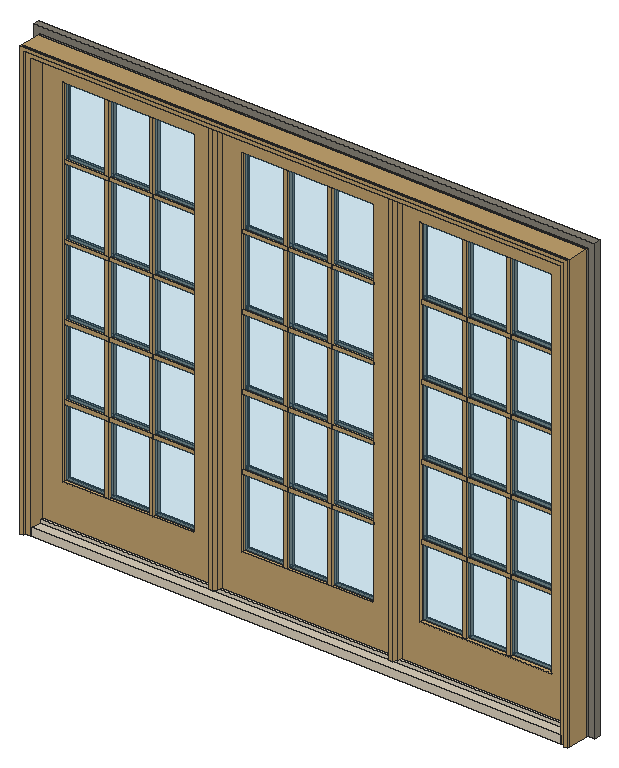
Revit family
Parameters (values of type "CUOFD9070")
  Void Offset = if(and(Casing Visibility, BMC), 0' 1 5/16", if(and(Casing Visibility, Flat Casing), 0' 3", 0' 0"))  # 0' - 1 5/16"
  URL = "www.marvin.com"
  Thickness = 0' - 1 3/4"
  Swing LH_RH = not(Swing Reverse LH_RH)  # yes
  Swing Reverse LH_RH = no
  Sill Material = Fiberglass_Pultrusion-Marvin-Beige
  S_2_R = or(XXO_OXX Option 3, and(OXO Option 1, Swing Reverse LH_RH))  # no
  S_2_L = and(OXO Option 1, Swing LH_RH)  # yes
  S_1_R = and(XOO_OOX Option 2, Swing Reverse LH_RH)  # no
  S_1_L = or(XXO_OXX Option 3, and(XOO_OOX Option 2, Swing LH_RH))  # no
  Rough Width = Width + 0' 1"  # 9' - 0 13/16"
  Rough Height = Height + 0' 0 1/2"  # 7' - 2 1/2"
  Prairie Corner Width = 0' - 4"
  Prairie Corner Height = 0' - 4"
  Plan Swing Angle [instance] = 90.00°
  Panel Width = (Width - 0' 2 5/8") / 3  # 2' - 11 1/16"
  OXO Option 1 = Option Choice Constraint = 1  # yes
  XOO_OOX Option 2 = Option Choice Constraint = 2  # no
  XXO_OXX Option 3 = Option Choice Constraint = 3  # no
  OOO Option 4 = Option Choice Constraint = 4  # no
  Note to User = "Enter Option Choice 1-4"  # constant formula
  Option Choice = 1
  Option Choice Constraint = if(Option Choice > 4, 4, if(Option Choice < 1, 1, Option Choice))  # 1
  Nominal Width = 9' - 0"
  Nominal Height = 7' - 0"
  Muntins Interior Visibility = yes
  Muntins Interior Material = Wood-Marvin-Pine
  Muntins Exterior Visibility = yes
  Muntins Exterior Material = Aluminum-Marvin-Bronze
  Model = "CUOFD9070"
  Manufacturer = "Marvin Windows and Doors"
  Lites Wide = 3
  Lites High = 5
  Lite Cut Prairie 9 = no
  Lite Cut HV Grid = not(Lite Cut Prairie 9)  # yes
  Label Visibility = no
  Jamb Extension Visibility = yes
  Interior Material = Wood-Marvin-Pine
  Inset to Installation Flange [instance] = 0' - 1"
  Height = if(Nominal Height = 6' 6", Nominal Height + 0' 1 1/2", if(Nominal Height = 8' 0", Nominal Height - 0' 0 1/2", Nominal Height + 0' 2"))  # 7' - 2"
  Wall Closure = (empty or 0)
  Width = if(Nominal Height = 6' 6", Nominal Width - 0' 2 5/8", Nominal Width - 0' 0 3/16")  # 8' - 11 13/16"
  Glazing Material = Glass-Marvin-IG Low E II with Argon
  Glass Type = "IG Low E II with Argon"
  Function = 1
  Frame = "Aluminum Clad"
  Flat Casing Visibility = and(Casing Visibility, Flat Casing)  # no
  Family created by = "www.rbuiltcomponents.com"
  Door Type = "Clad Ultimate Outswing French Door"
  Design Pressure = "DP30"
  Description = "10884 FR DOOR"
  Daylight Area = DLO Width * DLO Height * 3  # 37.3909 SF
  DLO Width = Panel Width - 0' 9 15/32"  # 2' - 1 19/32"
  DLO Height = if(Bottom Rail Traditional, Height - 1' 3 7/8", Height - 1' 0 13/32")  # 5' - 10 1/8"
  Cladding Material = Aluminum-Marvin-Bronze
  Casing Width = if(BMC, 0' 1 5/16", 0' 3")  # 0' - 1 5/16"
  Casing Visibility = yes
  Bottom Rail Traditional = not(Bottom Rail Contemporary)  # yes
  Bottom Rail Contemporary = no
  Bottom Rail = if(Bottom Rail Traditional, 0' 9 31/32", 0' 6 1/2")  # 0' - 9 31/32"
  BMC Visibility = and(Casing Visibility, BMC)  # yes
  BMC = yes
  Flat Casing = not(BMC)  # no
  Assembly Code = ""
Reference planes (in)
  plane 1 "Center (Front/Back)": y = 0
  plane 2 "Center (Left/Right)": x = 0
  plane 3 "Left": x = -53.90625
  plane 4 "Right": x = 53.90625
  plane 5 "Top": z = 86
  plane 6 "Exterior": y = 3
  plane 7 "Interior": y = -3
  plane 8 "Inset": y = 2
  plane 9 "Glazing": y = 1.65625
  plane 10: x = -47.96875
  plane 11: x = 47.96875
  plane 12: z = 80.0625
  plane 13: z = 9.96875
  plane 14 "Jamb Ext Face": y = -2.5625
  plane 15: y = 2.09375
  plane 16: x = 22.375
  plane 17: x = -22.375
  plane 18: x = -35.17188
  plane 19: x = 35.17187
  plane 20 "Void Offset": z = 87.3125
  plane 21 "Casing": z = 87.3125
  plane 22: z = 43
  plane 23: x = 12.79687
  plane 24: x = -12.79688
  plane 25: y = -2.59375
Forms (in)
  Sweep 1, solid, material "Aluminum-Marvin-Bronze" <- "Cladding Material"
    path origin (0, 1.65625, 0) x (1, 0, 0) y (0, 0, 1)
      loop
        line (-53.90625, 0) -> (-53.90625, 86) -> (53.90625, 86) -> (53.90625, 0)
    profile "Clad_Frame : Clad_Frame" origin (-53.90625, 1.65625, 43) x (-1, 0, 0) y (0, -1, 0)
      loop
        line (0, -1.43865) -> (0, 0) -> (-1.06374, 0) -> (-1.06374, -0.15859) -> (-0.93767, -0.15859) -> (-0.93767, -0.732) -> (-0.67848, -0.732) -> (-0.67848, -1.43865) -> (0, -1.43865)
  Sweep 2, solid, material "Wood-Marvin-Pine" <- "Interior Material"
    path origin (0, 1.65625, 0) x (1, 0, 0) y (0, 0, 1)
      loop
        line (-53.90625, 0) -> (-53.90625, 86) -> (53.90625, 86) -> (53.90625, 0)
    profile "Int_Frame : Int_Frame" origin (-53.90625, 1.65625, 43) x (-1, 0, 0) y (0, -1, 0)
      loop
        line (0, 0) -> (0, 4.2176) -> (-1.75053, 4.2176) -> (-1.75053, 1.42331) -> (-1.06374, 1.42331) -> (-1.06374, 0) -> (0, 0)
  Sweep 3, solid, material "Fiberglass_Pultrusion-Marvin-Beige" <- "Sill Material"
    path origin (0, 2, 0) x (1, 0, 0) y (0, 0, 1)
      loop
        line (53.22777, 0) -> (-53.22777, 0)
    profile "Sill : Sill" origin (0, 2, 0) x (0, 0, -1) y (0, -1, 0)
      loop
        line (0, 4.56948) -> (-1.57326, 4.56948) -> (-1.32364, 2.19448) -> (-2.005, 2.19448) -> (-2.005, 1.75698) -> (-1.55064, 1.75698) -> (-1.35612, -0.09375) -> (-0.5775, -0.09375) -> (-0.5775, -1.09375) -> (0, -1.09375) -> (0, 4.56948)
  Extrusion 4, solid, material "Wood-Marvin-Pine" <- "Interior Material", visible <- "Jamb Extension Visibility", detail levels medium+fine
    sketch origin (0, -2.5625, 0) x (1, 0, 0) y (0, 0, 1)
      loop
        line (-53.90625, 0) -> (-53.21875, 0) -> (-53.21875, 85.3125) -> (53.21875, 85.3125) -> (53.21875, 0) -> (53.90625, 0) -> (53.90625, 86) -> (-53.90625, 86) -> (-53.90625, 0)
    from 0.03125 to 0.4375
  Sweep 5, void
    path in 3D
      loop
        line (-53.22777, -2.56948, 0) -> (-53.22777, -2.56948, 1.57326)
    profile "Sill_Void : Sill_Void" origin (-53.22777, -2.56948, 0.78663) x (0, 1, 0) y (-1, 0, 0)
      loop
        line (0, 0) -> (0, -1.07205) -> (2.79429, -1.07205) -> (2.79429, -0.38526) -> (4.37619, -0.38526) -> (4.37619, -0.25918) -> (4.9496, -0.25918) -> (4.9496, 0) -> (0, 0)
  Sweep 6, void
    path in 3D
      loop
        line (53.22777, -2.56948, 1.57326) -> (53.22777, -2.56948, 0)
    profile "Sill_Void : Sill_Void" origin (53.22777, -2.56948, 0.78663) x (0, 1, 0) y (1, 0, 0)
      loop
        line (0, 0) -> (0, -1.07205) -> (2.79429, -1.07205) -> (2.79429, -0.38526) -> (4.37619, -0.38526) -> (4.37619, -0.25918) -> (4.9496, -0.25918) -> (4.9496, 0) -> (0, 0)
  Extrusion 7, void
    sketch origin (0, 0, 0) x (1, 0, 0) y (0, 1, 0)
      loop
        line (-53.90625, 2) -> (-53.90625, -3) -> (53.90625, -3) -> (53.90625, 2) -> (-53.90625, 2)
    from 86 to 0
  Extrusion 8, void
    sketch origin (0, 0, 0) x (1, 0, 0) y (0, 1, 0)
      loop
        line (-55.21875, 3.125) -> (-55.21875, 2) -> (55.21875, 2) -> (55.21875, 3.125) -> (-55.21875, 3.125)
    from 87.3125 to 0
  Sweep 9, solid, material "Wood-Marvin-Pine" <- "Interior Material"
    path origin (0, 1.65625, 0) x (1, 0, 0) y (0, 0, 1)
      loop
        line (-17.625, 2.005) -> (-17.625, 84.24947)
    profile "Mtg Stile : Mtg Stile" origin (-17.625, 1.65625, 43.12724) x (-1, 0, 0) y (0, -1, 0)
      loop
        line (0.97168, 1.3124) -> (0.86983, 2.2814) -> (0.68233, 2.2814) -> (0.51486, 2.9064) -> (-0.36451, 2.9064) -> (-0.53198, 2.2814) -> (-0.71948, 2.2814) -> (-0.82132, 1.3124) -> (0.97168, 1.3124)
  Sweep 10, solid, material "Wood-Marvin-Pine" <- "Interior Material"
    path origin (0, 1.65625, 0) x (-1, 0, 0) y (0, 0, 1)
      loop
        line (-17.625, 2.005) -> (-17.625, 84.24947)
    profile "Mtg Stile : Mtg Stile" origin (17.625, 1.65625, 43.12724) x (-1, 0, 0) y (0, -1, 0)
      loop
        line (-0.97168, 1.3124) -> (0.82132, 1.3124) -> (0.71948, 2.2814) -> (0.53198, 2.2814) -> (0.36451, 2.9064) -> (-0.51486, 2.9064) -> (-0.68233, 2.2814) -> (-0.86983, 2.2814) -> (-0.97168, 1.3124)
Cuts and joins
  Sweep 5, Sweep 6 cuts Sweep 3
Lines and regions (in)
  Masking region 1
    outline origin (0, 0, 0) x (0, 1, 0) y (0, 0, 1)
      loop
        line (3.0949, 86) -> (-2.5625, 86) -> (-2.5625, 0) -> (3.0949, 0) -> (3.0949, 86)
  Masking region 2, visible <- "Jamb Extension Visibility"
    outline origin (0, 0, 0) x (1, 0, 0) y (0, 1, 0)
      loop
        line (53.21875, -3) -> (53.90625, -3) -> (53.90625, -2.59375) -> (53.21875, -2.59375) -> (53.21875, -3)
  Masking region 3, visible <- "Jamb Extension Visibility"
    outline origin (0, 0, 0) x (0, 1, 0) y (-1, 0, 0)
      loop
        line (-3, 53.21875) -> (-2.59375, 53.21875) -> (-2.59375, 53.90625) -> (-3, 53.90625) -> (-3, 53.21875)
  Masking region 4, visible <- "Jamb Extension Visibility"
    outline origin (0, 0, 0) x (0, 1, 0) y (0, 0, 1)
      loop
        line (-2.59375, 86) -> (-3, 86) -> (-3, 0) -> (-2.59375, 0) -> (-2.59375, 86)
  symbolic lines, style "DoorsFrameMullionProjection", visible <- "Jamb Extension Visibility", detail levels coarse+medium
    curve 1: line (-53.90625, -3, 0) -> (-53.21875, -3, 0)
    curve 2: line (-53.21875, -3, 0) -> (-53.21875, -2.59375, 0)
    curve 3: line (53.90625, -3, 0) -> (53.21875, -3, 0)
    curve 4: line (53.21875, -3, 0) -> (53.21875, -2.59375, 0)
    curve 7: line (0, -2.59375, 85.3125) -> (0, -3, 85.3125)
    curve 8: line (0, -3, 85.3125) -> (0, -3, 86)
  symbolic lines, style "Jamb Extension", visible <- "Jamb Extension Visibility", detail levels fine
    curve 5: line (0, -2.59375, 85.3125) -> (0, -3, 85.3125)
    curve 6: line (0, -3, 85.3125) -> (0, -3, 86)
  symbolic lines, style "DoorsFrameMullionProjection", detail levels coarse+medium
    curve 9: line (0, 3.0949, 86) -> (0, 3.0949, 84.93626)
    curve 10: line (0, 3.0949, 84.93626) -> (0, -2.5625, 84.93626)
    curve 11: line (0, -2.5625, 84.93626) -> (0, -2.5625, 86)
    curve 20: line (0, 2.09375, 80.0625) -> (0, 2.09375, 9.96875)
    curve 21: line (0, 0.3426, 80.0625) -> (0, 0.3426, 9.96875)
    curve 24: line (0, 3.09375, 0.5775) -> (0, 2.09375, 0.5775)
    curve 25: line (0, 2.09375, 1.375) -> (0, 2.09375, 0.5775)
    curve 26: line (0, 2.09375, 1.375) -> (0, -2.5625, 1.375)
    curve 27: line (0, -2.5625, 0) -> (0, -2.5625, 1.375)
    curve 28: line (0, 3.09375, 0) -> (0, 3.09375, 0.5775)
    curve 29: line (0, 3.09375, 0) -> (0, -2.5625, 0)
    curve 30: line (53.90625, -2.59375, 0) -> (53.90625, -3, 0)
    curve 31: line (-53.90625, -2.59375, 0) -> (-53.90625, -3, 0)
    curve 32: line (0, 3.0949, 86) -> (0, -3, 86)
  symbolic lines, style "DoorsPanelProjection", detail levels coarse+medium
    curve 12: line (0, 2.09375, 80.0625) -> (0, 2.09375, 84.93626)
    curve 13: line (0, 0.3426, 80.0625) -> (0, 2.09375, 80.0625)
    curve 14: line (0, 0.3426, 84.93626) -> (0, 0.3426, 80.0625)
    curve 15: line (0, 2.09375, 9.96875) -> (0, 0.3426, 9.96875)
    curve 16: line (0, 2.09375, 1.625) -> (0, 2.09375, 9.96875)
    curve 17: line (0, 0.3426, 1.625) -> (0, 2.09375, 1.625)
    curve 18: line (0, 0.3426, 9.96875) -> (0, 0.3426, 1.625)
  symbolic lines, style "DoorsGlassProjection", detail levels coarse+medium
    curve 19: line (0, 1.21875, 9.96875) -> (0, 1.21875, 80.0625)
  symbolic lines, style "Elevation Swing", visible <- "S_1_L"
    curve 22: line (17.58594, 1.65625, 1.57895) -> (52.71875, 1.65625, 43)
    curve 23: line (52.71875, 1.65625, 43) -> (17.58596, 1.65625, 84.85906)
  sketch lines
    curve 33: line (-53.22777, -2.56948, 0) -> (-53.22777, -2.56948, 1.57326)
    curve 34: line (53.22777, -2.56948, 1.57326) -> (53.22777, -2.56948, 0)
  symbolic lines, style "Elevation Swing", visible <- "S_1_R"
    curve 35: line (52.71875, 1.65625, 1.625) -> (17.625, 1.65625, 43)
    curve 36: line (17.625, 1.65625, 43) -> (52.71875, 1.65625, 84.8125)
  symbolic lines, style "Elevation Swing", visible <- "S_2_L"
    curve 37: line (-17.54688, 1.65625, 1.625) -> (17.54687, 1.65625, 43)
    curve 38: line (17.54687, 1.65625, 43) -> (-17.54688, 1.65625, 84.8125)
  symbolic lines, style "Elevation Swing", visible <- "S_2_R"
    curve 39: line (-17.54688, 1.65625, 43) -> (17.58596, 1.65625, 84.85906)
    curve 40: line (17.58594, 1.65625, 1.57895) -> (-17.54688, 1.65625, 43)
Text (in)
  text "Exterior" at (-74.96733, 27.31104, 0), in view "Ref. Level"
  text "Interior" at (-74.96733, -25.14366, 0), in view "Ref. Level"
  text "Exterior" at (0, 40.15149, 123.01588), in view "Right"
  text "Interior" at (0, -64.39139, 123.01588), in view "Right"
  text "Interior" at (0, -31.01599, 123.00693), in view "Left"
  text "Exterior" at (0, 54.57065, 123.00693), in view "Left"
Dimensions and locks (in)
  equal spacing: plane 3 "Left", plane 2 "Center (Left/Right)", plane 4 "Right"
  "Height": level to plane 5 "Top"
  "Width": plane 3 "Left" to plane 4 "Right"
  locked: plane 11 to plane 4 "Right" at 5.9375
  locked: plane 3 "Left" to plane 10 at 5.9375
  locked: plane 12 to plane 5 "Top" at 5.9375
  "Bottom Rail": level to plane 13
  locked: Extrusion 4 sketch curve to plane 4 "Right" at 0.6875
  locked: plane 3 "Left" to Extrusion 4 sketch curve at 0.6875
  locked: plane 5 "Top" to Extrusion 4 sketch curve at 0.6875
  locked: nested 3 to plane 9 "Glazing" at 0.8125
  "Inset to Installation Flange": host wall to plane 8 "Inset"
  locked: plane 9 "Glazing" to plane 8 "Inset" at 0.34375
  locked: plane 14 "Jamb Ext Face" to plane 8 "Inset" at 4.5625
  locked: plane 8 "Inset" to plane 15 at 0.09375
  locked: nested 5 to host wall at 12
  equal spacing: plane 17, plane 18, plane 10
  equal spacing: plane 16, plane 19, plane 11
  locked: curve 26 to level at 1.375
  locked: Extrusion 8 sketch curve to host wall at 0.125
  "Void Offset": Extrusion 8 sketch curve to plane 3 "Left"
  "Void Offset": plane 4 "Right" to Extrusion 8 sketch curve
  "Void Offset": plane 5 "Top" to plane 20 "Void Offset"
  "Casing Width": plane 5 "Top" to plane 21 "Casing"
  equal spacing: level, plane 22, plane 5 "Top"
  "DLO Width": plane 16 to plane 11
  "DLO Width": plane 17 to plane 10
  "DLO Width": plane 23 to plane 24
  equal spacing: plane 23, plane 2 "Center (Left/Right)", plane 24
  locked: plane 9 "Glazing" to nested 9 at 0.8125
  locked: plane 25 to plane 14 "Jamb Ext Face" at 0.03125
  locked: Sweep 9 sketch curve to plane 17 at 4.75
  locked: plane 16 to Sweep 10 sketch curve at 4.75
  aligned and locked: plane 6 "Exterior" to host wall
  aligned and locked: plane 7 "Interior" to host wall
  aligned and locked: plane 3 "Left" to Sweep 1 sketch curve
  aligned and locked: level to Sweep 1 sketch curve  (x2)
  aligned and locked: Sweep 1 sketch curve to plane 5 "Top"
  aligned and locked: Sweep 1 sketch curve to plane 4 "Right"
  aligned and locked: plane 3 "Left" to Sweep 2 sketch curve
  aligned and locked: level to Sweep 2 sketch curve  (x2)
  aligned and locked: Sweep 2 sketch curve to plane 5 "Top"
  aligned and locked: Sweep 2 sketch curve to plane 4 "Right"
  aligned and locked: level to nested 1
  aligned and locked: nested 1 to plane 8 "Inset"
  aligned and locked: Sweep 3 sketch curve to level
  aligned and locked: Extrusion 4 sketch curve to plane 3 "Left"
  aligned and locked: plane 5 "Top" to Extrusion 4 sketch curve
  aligned and locked: plane 4 "Right" to Extrusion 4 sketch curve
  aligned and locked: level to Extrusion 4 sketch curve  (x2)
  aligned and locked: Sweep 1 to Extrusion 4 sketch curve
  aligned and locked: host wall to Extrusion 4
  aligned and locked: plane 9 "Glazing" to nested 2
  aligned and locked: plane 12 to nested 2
  aligned and locked: nested 3 to plane 12
  aligned and locked: curve 1 to Extrusion 4
  aligned and locked: plane 4 "Right" to curve 3
  aligned and locked: curve 4 to Extrusion 4
  aligned and locked: curve 3 to Extrusion 4
  aligned and locked: Extrusion 4 to curve 5
  aligned and locked: Extrusion 4 to curve 6
  aligned and locked: plane 5 "Top" to curve 8
  aligned and locked: Extrusion 4 to curve 7
  aligned and locked: plane 5 "Top" to curve 11
  aligned and locked: plane 14 "Jamb Ext Face" to curve 11
  aligned and locked: curve 9 to Sweep 1
  aligned and locked: curve 10 to Sweep 2
  aligned and locked: curve 13 to plane 12
  aligned and locked: curve 15 to plane 13
  aligned and locked: curve 13 to curve 19
  aligned and locked: curve 15 to curve 19
  aligned and locked: plane 5 "Top" to Masking region 1 sketch curve
  aligned and locked: level to Masking region 1 sketch curve
  aligned and locked: Masking region 1 sketch curve to Sweep 1
  aligned and locked: plane 8 "Inset" to nested 4
  aligned and locked: plane 2 "Center (Left/Right)" to nested 5
  aligned and locked: nested 4 to plane 4 "Right"
  aligned and locked: Sweep 3 sketch curve to Sweep 1
  aligned and locked: Sweep 1 to Sweep 3 sketch curve
  aligned and locked: plane 19 to nested 2
  aligned and locked: nested 3 to plane 19
  aligned and locked: nested 6 to plane 18
  aligned and locked: nested 6 to plane 12
  aligned and locked: plane 18 to nested 7
  aligned and locked: plane 12 to nested 7
  aligned and locked: nested 6 to plane 9 "Glazing"
  aligned and locked: nested 3 to nested 7
  aligned and locked: nested 4 to curve 30
  aligned and locked: curve 25 to cut or joined group of Sweep 3, Sweep 5, Sweep 6
  aligned and locked: curve 24 to cut or joined group of Sweep 3, Sweep 5, Sweep 6
  aligned and locked: plane 14 "Jamb Ext Face" to curve 27
  aligned and locked: Extrusion 7 sketch curve to host wall
  aligned and locked: Extrusion 7 sketch curve to plane 3 "Left"
  aligned and locked: plane 4 "Right" to Extrusion 7 sketch curve
  aligned and locked: plane 8 "Inset" to Extrusion 7 sketch curve
  aligned and locked: Extrusion 8 sketch curve to plane 8 "Inset"
  aligned and locked: Extrusion 8 to plane 20 "Void Offset"
  aligned and locked: Extrusion 8 to level
  aligned and locked: Extrusion 7 to plane 5 "Top"
  aligned and locked: Extrusion 7 to level
  aligned and locked: plane 2 "Center (Left/Right)" to nested 8
  aligned and locked: plane 8 "Inset" to nested 8
  aligned and locked: level to nested 8
  aligned and locked: host wall to Masking region 2 sketch curve
  aligned and locked: Masking region 2 sketch curve to plane 4 "Right"
  aligned and locked: Masking region 2 sketch curve to Extrusion 4
  aligned and locked: Masking region 3 sketch curve to host wall
  aligned and locked: Masking region 3 sketch curve to plane 3 "Left"
  aligned and locked: Masking region 3 sketch curve to Extrusion 4
  aligned and locked: curve 2 to Extrusion 4
  aligned and locked: plane 22 to curve 22
  aligned and locked: plane 22 to curve 40
  aligned and locked: plane 2 "Center (Left/Right)" to nested 9
  aligned and locked: plane 12 to nested 9
  aligned and locked: nested 10 to plane 2 "Center (Left/Right)"
  aligned and locked: plane 12 to nested 10
  aligned and locked: plane 9 "Glazing" to nested 10
  aligned and locked: Extrusion 4 to plane 25
  aligned and locked: plane 25 to Masking region 3 sketch curve
  aligned and locked: plane 25 to curve 31
  aligned and locked: plane 25 to curve 2
  aligned and locked: Masking region 2 sketch curve to plane 25
  aligned and locked: plane 25 to curve 30
  aligned and locked: plane 25 to curve 4
  aligned and locked: plane 25 to curve 5
  aligned and locked: plane 25 to curve 7
  aligned and locked: Masking region 1 sketch curve to plane 14 "Jamb Ext Face"
  aligned and locked: plane 5 "Top" to Masking region 4 sketch curve
  aligned and locked: level to Masking region 4 sketch curve
  aligned and locked: plane 25 to Masking region 4 sketch curve
  aligned and locked: Masking region 4 sketch curve to host wall
  aligned and locked: curve 28 to nested 1
  aligned and locked: plane 18 to nested 11
  aligned and locked: nested 11 to plane 12
  aligned and locked: plane 2 "Center (Left/Right)" to nested 13
  aligned and locked: nested 12 to plane 19
  aligned and locked: plane 12 to nested 12
  aligned and locked: nested 13 to plane 12
  aligned and locked: plane 9 "Glazing" to nested 11
  aligned and locked: plane 9 "Glazing" to nested 13
  aligned and locked: nested 12 to plane 9 "Glazing"
  aligned and locked: Sweep 2 to Sweep 9 sketch curve
  aligned and locked: cut or joined group of Sweep 3, Sweep 5, Sweep 6 to Sweep 9 sketch curve
  aligned and locked: cut or joined group of Sweep 3, Sweep 5, Sweep 6 to Sweep 10 sketch curve
  aligned and locked: Sweep 2 to Sweep 10 sketch curve
  aligned and locked: curve 14 to nested 1
Automatic sketch dimensions
  curve 29 to level = 0' - 0"
  plane 9 "Glazing" to curve 19 = 0' - 0 7/16"
  curve 16 to plane 15 = 0' - 0"
  curve 25 to curve 17 = 0' - 0 1/4"
  curve 1 to plane 3 "Left" = 0' - 0"
  curve 37 to plane 22 = 0' - 0"
  curve 36 to plane 22 = 0' - 0"
  level to curve 37 = 0' - 1 5/8"
  curve 37 to plane 24 = 0' - 4 3/4"
  curve 39 to plane 24 = 0' - 4 3/4"
  plane 5 "Top" to curve 38 = 0' - 1 3/16"
  curve 38 to plane 24 = 0' - 4 3/4"
  plane 23 to curve 37 = 0' - 4 3/4"
  level to curve 22 = 0' - 1.57895"
  curve 22 to plane 16 = 0' - 4 101/128"
  plane 5 "Top" to curve 39 = 0' - 1.14094"
  curve 39 to plane 16 = 0' - 4 101/128"
  curve 37 to curve 36 = 0' - 0 5/64"
  plane 4 "Right" to curve 22 = 0' - 1 3/16"
  plane 4 "Right" to curve 35 = 0' - 1 3/16"
  plane 4 "Right" to curve 36 = 0' - 1 3/16"
  level to curve 35 = 0' - 1 5/8"
  plane 5 "Top" to curve 36 = 0' - 1 3/16"
Nested families (in)
  nested 1: "Door_Section_Detail" at (0, 2, 0) x (0, -1, 0) z (1, 0, 0), type "Door_Section_Detail", detail levels fine
  nested 2: "Muntins" at (35.17187, 1.65625, -26.0625), visible <- "Muntins Exterior Visibility", Muntin Material <- "Muntins Exterior Material", type "Muntins"
    with Muntin Material Aluminum-Marvin-Bronze, GlazingWidth 2' - 1 19/32", GlazingHeight 5' - 10 1/8", Width 2' - 2 1/32", LitesVertical 5, HorizontalMuntins 4, Height 5' - 10 9/16", Inset Vert 0' - 8.30208", Inset Horiz 1' - 1.7375"
  nested 3: "Muntins" at (35.17187, 0.84375, -26.0625), Muntin Material <- "Muntins Interior Material", visible <- "Muntins Interior Visibility", type "Muntins"
    with Muntin Material Wood-Marvin-Pine, GlazingWidth 2' - 1 19/32", GlazingHeight 5' - 10 1/8", Width 2' - 2 1/32", LitesVertical 5, HorizontalMuntins 4, Height 5' - 10 9/16", Inset Vert 0' - 8.30208", Inset Horiz 1' - 1.7375"
  nested 4: "Door_Plan_Detail" at (70.90625, 2, 0), type "Door_Plan_Detail"
  nested 5: "Label Annotation 1-16 w5" at (0, 15, 0), visible <- "Label Visibility", type "Label Annotation 1-16 w5"
  nested 6: "Muntins" at (-35.17187, 1.65625, -26.0625) x (-1, 0, 0) z (0, 0, 1), visible <- "Muntins Exterior Visibility", Muntin Material <- "Muntins Exterior Material", type "Muntins"
    with Muntin Material Aluminum-Marvin-Bronze, GlazingWidth 2' - 1 19/32", GlazingHeight 5' - 10 1/8", Width 2' - 2 1/32", LitesVertical 5, HorizontalMuntins 4, Height 5' - 10 9/16", Inset Vert 0' - 8.30208", Inset Horiz 1' - 1.7375"
  nested 7: "Muntins" at (-35.17187, 0.84375, -26.0625) x (-1, 0, 0) z (0, 0, 1), Muntin Material <- "Muntins Interior Material", visible <- "Muntins Interior Visibility", type "Muntins"
    with Muntin Material Wood-Marvin-Pine, GlazingWidth 2' - 1 19/32", GlazingHeight 5' - 10 1/8", Width 2' - 2 1/32", LitesVertical 5, HorizontalMuntins 4, Height 5' - 10 9/16", Inset Vert 0' - 8.30208", Inset Horiz 1' - 1.7375"
  nested 8: "Casing_Clad" at (0, 2, 0), visible <- "Casing Visibility", type "Casing_Clad"
    with Width 8' - 11 13/16", Height 7' - 2"
  nested 9: "Muntins" at (0, 0.84375, -26.0625) x (-1, 0, 0) z (0, 0, 1), Muntin Material <- "Muntins Interior Material", visible <- "Muntins Interior Visibility", type "Muntins"
    with Muntin Material Wood-Marvin-Pine, GlazingWidth 2' - 1 19/32", GlazingHeight 5' - 10 1/8", Width 2' - 2 1/32", LitesVertical 5, HorizontalMuntins 4, Height 5' - 10 9/16", Inset Vert 0' - 8.30208", Inset Horiz 1' - 1.7375"
  nested 10: "Muntins" at (0, 1.65625, -26.0625), visible <- "Muntins Exterior Visibility", Muntin Material <- "Muntins Exterior Material", type "Muntins"
    with Muntin Material Aluminum-Marvin-Bronze, GlazingWidth 2' - 1 19/32", GlazingHeight 5' - 10 1/8", Width 2' - 2 1/32", LitesVertical 5, HorizontalMuntins 4, Height 5' - 10 9/16", Inset Vert 0' - 8.30208", Inset Horiz 1' - 1.7375"
  nested 11: "Panel" at (-35.17188, 1.65625, 1.84375), type "Panel"
    with Width 2' - 11 3/32", Height 6' - 10 31/32", DLO Width 2' - 1 19/32", DLO Height 5' - 10 1/8"
  nested 12: "Panel" at (35.17188, 1.65625, 1.84375) x (-1, 0, 0) z (0, 0, 1), type "Panel"
    with Width 2' - 11 3/32", Height 6' - 10 31/32", DLO Width 2' - 1 19/32", DLO Height 5' - 10 1/8"
  nested 13: "Panel" at (0, 1.65625, 1.84375), type "Panel"
    with Width 2' - 11 3/32", Height 6' - 10 31/32", DLO Width 2' - 1 19/32", DLO Height 5' - 10 1/8"
Definition of nested family "Muntins"
  Parameters (values of type "Muntins")
    PrairieMuntVisible = no
    Prairie Corner Width = 0' - 4"
    Prairie Corner Height = 0' - 4"
    Muntin Extension = 0' - 0 7/16"
    GridMuntVisible = yes
    GlazingWidth = 2' - 0"
    GlazingHeight = 2' - 11 1/8"
    Width = GlazingWidth + Muntin Extension  # 2' - 0 7/16"
    VerticalMuntins = if(LitesHorizontal < 3, 2, LitesHorizontal - 1)  # 2
    VertMuntVisible = and(GridMuntVisible, LitesHorizontal > 2)  # yes
    MuntinWidth = 0' - 0 3/4"
    MuntinDepth [instance] = 0' - 0 3/8"
    Muntin Material [instance] = none
    LitesVertical = 3
    LitesHorizontal = 3
    HorizontalMuntins = if(LitesVertical < 3, 2, LitesVertical - 1)  # 2
    HorizMuntVisible = and(GridMuntVisible, LitesVertical > 2)  # yes
    Height = GlazingHeight + Muntin Extension  # 2' - 11 9/16"
    Inset Vert = if(LitesHorizontal < 3, (Width / 3) - (MuntinWidth / 2), (Width / LitesHorizontal) - (MuntinWidth / 2))  # 0' - 7.77083"
    Inset Horiz = if(LitesVertical < 3, (Height / 3) - (MuntinWidth / 2), (Height / LitesVertical) - (MuntinWidth / 2))  # 0' - 11.47917"
    CenterMuntinVertical = and(GridMuntVisible, LitesHorizontal = 2)  # no
    CenterMuntinHorizontal = and(GridMuntVisible, LitesVertical = 2)  # no
    Assembly Code = ""
  Reference planes (in)
    plane 1 "Center (Front/Back)": y = 0
    plane 2: z = 0
    plane 3 "Center (Left/Right)": x = 0
    plane 4: z = 35.78125
    plane 5: z = 53.5625
    plane 6: z = 71.34375
    plane 7: z = 59.86458
    plane 8: z = 47.26042
    plane 9: z = 71.125
    plane 10: z = 36
    plane 11: x = -12
    plane 12: x = 12
    plane 13: x = -4.44792
    plane 14: x = -12.21875
    plane 15: x = 12.21875
    plane 16: x = 4.44792
    plane 17: z = 67.125
    plane 18: z = 40
    plane 19: x = -8
    plane 20: x = 8
  Forms (in)
    Extrusion 1, solid, material <- "Muntin Material", visible <- "CenterMuntinVertical", detail levels medium+fine
      sketch origin (9, 0, 0) x (1, 0, 0) y (0, 0, 1)
        loop
          line (-9.375, 71.34375) -> (-9.375, 35.78125) -> (-8.625, 35.78125) -> (-8.625, 71.34375) -> (-9.375, 71.34375)
      from 0 to 0.375 <- "MuntinDepth"
    Extrusion 2, solid, material <- "Muntin Material", visible <- "CenterMuntinHorizontal", detail levels medium+fine
      sketch origin (-0.0013, 0, 14.6875) x (1, 0, 0) y (0, 0, 1)
        loop
          line (-12.21745, 39.25) -> (-12.21745, 38.5) -> (12.22005, 38.5) -> (12.22005, 39.25) -> (-12.21745, 39.25)
      from 0 to 0.375 <- "MuntinDepth"
    Extrusion 3, solid, material <- "Muntin Material", visible <- "VertMuntVisible", detail levels medium+fine
      sketch origin (4.92708, 0, -2.90625) x (1, 0, 0) y (0, 0, 1)
        loop
          line (-9.375, 74.25) -> (-9.375, 38.6875) -> (-8.625, 38.6875) -> (-8.625, 74.25) -> (-9.375, 74.25)
      from 0 to 0.375 <- "MuntinDepth"
    Extrusion 4, solid, material <- "Muntin Material", visible <- "HorizMuntVisible", detail levels medium+fine
      sketch origin (-3.09635, 0, 14.17708) x (1, 0, 0) y (0, 0, 1)
        loop
          line (-9.1224, 45.6875) -> (-9.1224, 44.9375) -> (15.3151, 44.9375) -> (15.3151, 45.6875) -> (-9.1224, 45.6875)
      from 0 to 0.375 <- "MuntinDepth"
    Extrusion 5, solid, material <- "Muntin Material", visible <- "HorizMuntVisible", detail levels medium+fine
      sketch origin (-3.09635, 0, 2.32292) x (1, 0, 0) y (0, 0, 1)
        loop
          line (-9.1224, 45.6875) -> (-9.1224, 44.9375) -> (15.3151, 44.9375) -> (15.3151, 45.6875) -> (-9.1224, 45.6875)
      from 0 to 0.375 <- "MuntinDepth"
    Extrusion 6, solid, material <- "Muntin Material", visible <- "VertMuntVisible", detail levels medium+fine
      sketch origin (13.07292, 0, -2.90625) x (1, 0, 0) y (0, 0, 1)
        loop
          line (-9.375, 74.25) -> (-9.375, 38.6875) -> (-8.625, 38.6875) -> (-8.625, 74.25) -> (-9.375, 74.25)
      from 0 to 0.375 <- "MuntinDepth"
    Extrusion 7, solid, material <- "Muntin Material", visible <- "PrairieMuntVisible", detail levels medium+fine
      sketch origin (1, 0, 0) x (1, 0, 0) y (0, 0, 1)
        loop
          line (-9, 71.34375) -> (-9, 35.78125) -> (-8.25, 35.78125) -> (-8.25, 71.34375) -> (-9, 71.34375)
      from 0 to 0.375 <- "MuntinDepth"
    Extrusion 8, solid, material <- "Muntin Material", visible <- "PrairieMuntVisible", detail levels medium+fine
      sketch origin (17, 0, 0) x (1, 0, 0) y (0, 0, 1)
        loop
          line (-9.75, 71.34375) -> (-9.75, 35.78125) -> (-9, 35.78125) -> (-9, 71.34375) -> (-9.75, 71.34375)
      from 0 to 0.375 <- "MuntinDepth"
    Extrusion 9, solid, material <- "Muntin Material", visible <- "PrairieMuntVisible", detail levels medium+fine
      sketch origin (-0.0013, 0, 28.25) x (1, 0, 0) y (0, 0, 1)
        loop
          line (-12.21745, 38.875) -> (-12.21745, 38.125) -> (12.22005, 38.125) -> (12.22005, 38.875) -> (-12.21745, 38.875)
      from 0 to 0.375 <- "MuntinDepth"
    Extrusion 10, solid, material <- "Muntin Material", visible <- "PrairieMuntVisible", detail levels medium+fine
      sketch origin (-0.0013, 0, 1.125) x (1, 0, 0) y (0, 0, 1)
        loop
          line (-12.21745, 39.625) -> (-12.21745, 38.875) -> (12.22005, 38.875) -> (12.22005, 39.625) -> (-12.21745, 39.625)
      from 0 to 0.375 <- "MuntinDepth"
  Cuts and joins
    joined: Extrusion 7, Extrusion 8, Extrusion 9, Extrusion 10
  Lines and regions (in)
    model lines, style "Muntins", visible <- "CenterMuntinHorizontal", detail levels coarse
      curve 1: line (-12.21875, 0, 53.5625) -> (12.21875, 0, 53.5625)
    model lines, style "Muntins", visible <- "HorizMuntVisible", detail levels coarse
      curve 2: line (-12.21875, 0, 59.48958) -> (12.21875, 0, 59.48958)
      curve 3: line (-12.21875, 0, 47.63542) -> (12.21875, 0, 47.63542)
    model lines, style "Muntins", visible <- "CenterMuntinVertical", detail levels coarse
      curve 4: line (0, 0, 71.34375) -> (0, 0, 35.78125)
    model lines, style "Muntins", visible <- "VertMuntVisible", detail levels coarse
      curve 5: line (-4.07292, 0, 71.34375) -> (-4.07292, 0, 35.78125)
      curve 6: line (4.07292, 0, 71.34375) -> (4.07292, 0, 35.78125)
    model lines, style "Muntins", visible <- "PrairieMuntVisible", detail levels coarse
      curve 7: line (-12.21875, 0, 66.75) -> (12.21875, 0, 66.75)
      curve 8: line (-12.21875, 0, 40.375) -> (12.21875, 0, 40.375)
      curve 9: line (-7.625, 0, 35.78125) -> (-7.625, 0, 71.34375)
      curve 10: line (7.625, 0, 35.78125) -> (7.625, 0, 71.34375)
  Dimensions and locks (in)
    "Inset Horiz": plane 6 to plane 7
    "Inset Horiz": plane 8 to plane 4
    equal spacing: plane 6, plane 5, plane 4
    "Height": plane 6 to plane 4
    "GlazingHeight": plane 9 to plane 10
    equal spacing: plane 9, plane 5, plane 10
    "GlazingWidth": plane 12 to plane 11
    equal spacing: plane 12, plane 3 "Center (Left/Right)", plane 11
    "MuntinWidth": Extrusion 1 sketch curve to Extrusion 1 sketch curve
    "Height": Extrusion 1 sketch curve to Extrusion 1 sketch curve
    "MuntinWidth": Extrusion 2 sketch curve to Extrusion 2 sketch curve
    "Width": Extrusion 2 sketch curve to Extrusion 2 sketch curve
    "MuntinWidth": Extrusion 3 sketch curve to Extrusion 3 sketch curve
    "Height": Extrusion 3 sketch curve to Extrusion 3 sketch curve
    "Width": plane 15 to plane 14
    equal spacing: plane 15, plane 3 "Center (Left/Right)", plane 14
    "Inset Vert": plane 13 to plane 14
    "Inset Vert": plane 15 to plane 16
    "MuntinWidth": Extrusion 4 sketch curve to Extrusion 4 sketch curve
    "Width": Extrusion 4 sketch curve to Extrusion 4 sketch curve
    "MuntinWidth": Extrusion 5 sketch curve to Extrusion 5 sketch curve
    "Width": Extrusion 5 sketch curve to Extrusion 5 sketch curve
    group 2 to group 3 = 0' - 0"  (x2)
    group 3 to group 2 = 0' - 11.85417"
    "MuntinWidth": Extrusion 6 sketch curve to Extrusion 6 sketch curve
    "Height": Extrusion 6 sketch curve to Extrusion 6 sketch curve
    group 4 to group 5 = 0' - 8.14583"
    group 4 to group 5 = 0' - 0"  (x2)
    "Prairie Corner Width": plane 19 to plane 11
    "Prairie Corner Width": plane 20 to plane 12
    "Prairie Corner Height": plane 9 to plane 17
    "Prairie Corner Height": plane 18 to plane 10
    "MuntinWidth": Extrusion 7 sketch curve to Extrusion 7 sketch curve
    "Height": Extrusion 7 sketch curve to Extrusion 7 sketch curve
    "MuntinWidth": Extrusion 8 sketch curve to Extrusion 8 sketch curve
    "Height": Extrusion 8 sketch curve to Extrusion 8 sketch curve
    "MuntinWidth": Extrusion 9 sketch curve to Extrusion 9 sketch curve
    "Width": Extrusion 9 sketch curve to Extrusion 9 sketch curve
    "MuntinWidth": Extrusion 10 sketch curve to Extrusion 10 sketch curve
    "Width": Extrusion 10 sketch curve to Extrusion 10 sketch curve
    aligned and locked: plane 6 to Extrusion 1  (x2)
    aligned and locked: Extrusion 1 to plane 4  (x3)
    aligned and locked: Extrusion 3 to plane 13  (x5)
    aligned and locked: Extrusion 3 to plane 4  (x3)
    aligned and locked: Extrusion 2 to plane 14
    aligned and locked: plane 15 to Extrusion 2
    aligned and locked: plane 6 to Extrusion 3
    aligned and locked: plane 7 to Extrusion 4
    aligned and locked: Extrusion 4 to plane 14
    aligned and locked: plane 15 to Extrusion 4
    aligned and locked: curve 1 to plane 5
    aligned and locked: plane 14 to curve 1
    aligned and locked: plane 15 to curve 1
    aligned and locked: Extrusion 5 to plane 14
    aligned and locked: Extrusion 5 to plane 8
    aligned and locked: plane 15 to Extrusion 5
    aligned and locked: Extrusion 5 to curve 3  (x2)
    aligned and locked: Extrusion 4 to curve 2  (x2)
    aligned and locked: curve 4 to plane 3 "Center (Left/Right)"
    aligned and locked: Extrusion 1 to curve 4  (x2)
    aligned and locked: Extrusion 3 to curve 5  (x2)
    aligned and locked: Extrusion 6 to curve 6  (x2)
    aligned and locked: Extrusion 6 to plane 16
    aligned and locked: plane 6 to Extrusion 6
    aligned and locked: plane 6 to curve 6
    aligned and locked: Extrusion 6 to plane 4
    aligned and locked: plane 4 to curve 6
    aligned and locked: cut or joined group of Extrusion 7, Extrusion 8, Extrusion 9, Extrusion 10 to plane 19
    aligned and locked: plane 20 to cut or joined group of Extrusion 7, Extrusion 8, Extrusion 9, Extrusion 10
    aligned and locked: plane 17 to cut or joined group of Extrusion 7, Extrusion 8, Extrusion 9, Extrusion 10
    aligned and locked: cut or joined group of Extrusion 7, Extrusion 8, Extrusion 9, Extrusion 10 to plane 18
    aligned and locked: cut or joined group of Extrusion 7, Extrusion 8, Extrusion 9, Extrusion 10 to curve 7  (x2)
    aligned and locked: cut or joined group of Extrusion 7, Extrusion 8, Extrusion 9, Extrusion 10 to curve 8  (x2)
    aligned and locked: cut or joined group of Extrusion 7, Extrusion 8, Extrusion 9, Extrusion 10 to curve 9  (x2)
    aligned and locked: cut or joined group of Extrusion 7, Extrusion 8, Extrusion 9, Extrusion 10 to curve 10  (x2)
  Automatic sketch dimensions
    Extrusion 1 sketch curve to plane 4 = 0' - 0"
    Extrusion 1 sketch curve to plane 3 "Center (Left/Right)" = 0' - 0 3/8"
    Extrusion 2 sketch curve to plane 14 = 0' - 0"
    Extrusion 2 sketch curve to plane 5 = 0' - 0 3/8"
    Extrusion 7 sketch curve to plane 4 = 0' - 0"
    Extrusion 7 sketch curve to plane 19 = 0' - 0"
    Extrusion 8 sketch curve to plane 4 = 0' - 0"
    Extrusion 8 sketch curve to plane 20 = 0' - 0 3/4"
    Extrusion 9 sketch curve to plane 14 = 0' - 0"
    Extrusion 9 sketch curve to plane 17 = 0' - 0 3/4"
    Extrusion 10 sketch curve to plane 14 = 0' - 0"
    Extrusion 10 sketch curve to plane 18 = 0' - 0"
    plane 19 to curve 9 = 0' - 0 3/8"
    curve 10 to plane 20 = 0' - 0 3/8"
    plane 18 to curve 8 = 0' - 0 3/8"
    curve 7 to plane 17 = 0' - 0 3/8"
Definition of nested family "Casing_Clad"
  Parameters (values of type "Casing_Clad")
    Width = 16' - 0"
    Height = 12' - 0"
    Flat Casing Visibility = no
    Cladding Finish = Aluminum-Marvin-Bronze
    BMC Visibility = yes
    Assembly Code = ""
  Reference planes (in)
    plane 1 "Center (Front/Back)": y = 0
    plane 2: z = 0
    plane 3 "Center (Left/Right)": x = 0
    plane 4: z = 144
    plane 5: x = -96
    plane 6: x = 96
  Forms (in)
    Sweep 1, solid, material "Aluminum-Marvin-Bronze" <- "Cladding Finish", visible <- "BMC Visibility"
      path origin (0, 0, 0) x (1, 0, 0) y (0, 0, 1)
        loop
          line (-96, 0) -> (-96, 144) -> (96, 144) -> (96, 0)
      profile "BMC_Clad : BMC_Clad" origin (96, 0, 72) x (1, 0, 0) y (0, -1, 0)
        loop
          line (0.71589, -1.25) -> (1.3125, -1.25) -> (1.3125, 0) -> (0, 0) -> (0, -1.09375) -> (0.38081, -1.09375) -> (0.71589, -1.25)
    Sweep 2, solid, material "Aluminum-Marvin-Bronze" <- "Cladding Finish", visible <- "Flat Casing Visibility"
      path origin (0, 0, 0) x (1, 0, 0) y (0, 0, 1)
        loop
          line (-96, 0) -> (-96, 144) -> (96, 144) -> (96, 0)
      profile "Flat_Casing_Clad : Flat_Casing_Clad" origin (96, 0, 72) x (1, 0, 0) y (0, -1, 0)
        loop
          line (3, -1.09375) -> (3, 0) -> (0, 0) -> (0, -1.09375) -> (3, -1.09375)
  Lines and regions (in)
    Masking region 1, visible <- "Flat Casing Visibility"
      outline origin (0, 0, 0) x (1, 0, 0) y (0, 1, 0)
        loop
          line (-96, 0) -> (-96, 1.09375) -> (-99, 1.09375) -> (-99, 0) -> (-96, 0)
    Masking region 2, visible <- "Flat Casing Visibility"
      outline origin (0, 0, 0) x (0, 1, 0) y (-1, 0, 0)
        loop
          line (0, -96) -> (0, -99) -> (1.09375, -99) -> (1.09375, -96) -> (0, -96)
    Masking region 3, visible <- "BMC Visibility"
      outline origin (0, 0, 0) x (1, 0, 0) y (0, 1, 0)
        loop
          line (96, 1.09375) -> (96, 0) -> (97.3125, 0) -> (97.3125, 1.25) -> (96.71589, 1.25) -> (96.38081, 1.09375) -> (96, 1.09375)
    Masking region 4, visible <- "BMC Visibility"
      outline origin (0, 0, 0) x (0, 1, 0) y (-1, 0, 0)
        loop
          line (1.09375, 96) -> (1.09375, 96.38081) -> (1.25, 96.71589) -> (1.25, 97.3125) -> (0, 97.3125) -> (0, 96) -> (1.09375, 96)
    Masking region 5, visible <- "Flat Casing Visibility"
      outline origin (0, 0, 0) x (0, 1, 0) y (0, 0, 1)
        loop
          line (1.09375, 147) -> (0, 147) -> (0, 144) -> (1.09375, 144) -> (1.09375, 147)
    Masking region 6, visible <- "BMC Visibility"
      outline origin (0, 0, 0) x (0, 1, 0) y (0, 0, 1)
        loop
          line (1.25, 145.3125) -> (0, 145.3125) -> (0, 144) -> (1.09375, 144) -> (1.09375, 144.38081) -> (1.25, 144.71589) -> (1.25, 145.3125)
    symbolic lines, style "Frame/Mullion", visible <- "Flat Casing Visibility", detail levels coarse+medium
      curve 1: line (0, 1.09375, 144) -> (0, 1.09375, 147)
      curve 2: line (0, 1.09375, 147) -> (0, 0, 147)
      curve 11: line (-99, 1.09375, 0) -> (-99, 0, 0)
      curve 12: line (-96, 1.09375, 0) -> (-99, 1.09375, 0)
      curve 13: line (99, 0, 0) -> (99, 1.09375, 0)
      curve 14: line (99, 1.09375, 0) -> (96, 1.09375, 0)
    symbolic lines, style "Frame/Mullion", visible <- "BMC Visibility", detail levels coarse+medium
      curve 3: line (0, 1.25, 145.3125) -> (0, 0, 145.3125)
      curve 4: line (0, 1.25, 144.71589) -> (0, 1.25, 145.3125)
      curve 5: line (0, 1.09375, 144.38081) -> (0, 1.25, 144.71589)
      curve 6: line (0, 1.09375, 144) -> (0, 1.09375, 144.38081)
      curve 7: line (-96.71589, 1.25, 0) -> (-97.3125, 1.25, 0)
      curve 8: line (-96.38081, 1.09375, 0) -> (-96.71589, 1.25, 0)
      curve 9: line (-96, 1.09375, 0) -> (-96.38081, 1.09375, 0)
      curve 10: line (-97.3125, 1.25, 0) -> (-97.3125, 0, 0)
      curve 15: line (97.3125, 0, 0) -> (97.3125, 1.25, 0)
      curve 16: line (97.3125, 1.25, 0) -> (96.71589, 1.25, 0)
      curve 17: line (96.71589, 1.25, 0) -> (96.38081, 1.09375, 0)
      curve 18: line (96.38081, 1.09375, 0) -> (96, 1.09375, 0)
  Dimensions and locks (in)
    "Width": plane 6 to plane 5
    equal spacing: plane 6, plane 3 "Center (Left/Right)", plane 5
    "Height": plane 4 to plane 2
    aligned and locked: plane 4 to Sweep 1 sketch curve
    aligned and locked: plane 5 to Sweep 1 sketch curve
    aligned and locked: plane 2 to Sweep 1 sketch curve
    aligned and locked: Sweep 1 sketch curve to plane 2
    aligned and locked: plane 4 to Sweep 2 sketch curve
    aligned and locked: plane 5 to Sweep 2 sketch curve
    aligned and locked: plane 2 to Sweep 2 sketch curve
    aligned and locked: Sweep 2 sketch curve to plane 2
    aligned and locked: Masking region 1 sketch curve to Sweep 1
    aligned and locked: Masking region 1 sketch curve to plane 1 "Center (Front/Back)"
    aligned and locked: Sweep 2 to Masking region 1 sketch curve
    aligned and locked: Masking region 1 sketch curve to Sweep 2
    aligned and locked: Masking region 2 sketch curve to Sweep 2  (x3)
    aligned and locked: Sweep 2 to Masking region 2 sketch curve
    aligned and locked: Masking region 3 sketch curve to Sweep 2
    aligned and locked: Masking region 3 sketch curve to Sweep 1  (x4)
    aligned and locked: Sweep 1 to Masking region 3 sketch curve
    aligned and locked: Masking region 4 sketch curve to Sweep 2
    aligned and locked: Masking region 4 sketch curve to Sweep 1  (x5)
    aligned and locked: Masking region 5 sketch curve to Sweep 2  (x2)
    aligned and locked: Sweep 1 to Masking region 5 sketch curve
    aligned and locked: Masking region 5 sketch curve to Sweep 1
    aligned and locked: Masking region 6 sketch curve to Sweep 1  (x6)
    aligned and locked: curve 1 to Masking region 5
    aligned and locked: curve 2 to Sweep 2
    aligned and locked: curve 3 to Sweep 1
    aligned and locked: curve 4 to Masking region 6
    aligned and locked: curve 5 to Sweep 1
    aligned and locked: curve 6 to Masking region 6
    aligned and locked: Masking region 2 to curve 14
    aligned and locked: Masking region 3 to curve 16
    aligned and locked: Masking region 3 to curve 18
    aligned and locked: Sweep 2 sketch curve to plane 6
    aligned and locked: Sweep 1 sketch curve to plane 6
    aligned and locked: curve 11 to Sweep 2
    aligned and locked: curve 10 to Sweep 1
    aligned and locked: Sweep 1 to curve 7
    aligned and locked: curve 8 to Sweep 1
    aligned and locked: Sweep 1 to curve 9
    aligned and locked: curve 13 to Sweep 2
    aligned and locked: curve 15 to Sweep 1
    aligned and locked: curve 17 to Sweep 1
  Automatic sketch dimensions
    curve 1 to plane 4 = 0' - 0"
    curve 2 to plane 1 "Center (Front/Back)" = 0' - 0"
    curve 3 to plane 1 "Center (Front/Back)" = 0' - 0"
    curve 6 to plane 4 = 0' - 0"
    curve 10 to plane 1 "Center (Front/Back)" = 0' - 0"
    curve 11 to plane 1 "Center (Front/Back)" = 0' - 0"
    curve 13 to plane 1 "Center (Front/Back)" = 0' - 0"
    curve 15 to plane 1 "Center (Front/Back)" = 0' - 0"
    plane 5 to curve 12 = 0' - 0"
    curve 18 to plane 6 = 0' - 0"
Definition of nested family "Panel"
  Parameters (values of type "Panel")
    Width = DLO Width + 0' 9 1/2"  # 3' - 11 1/2"
    Thickness = 0' - 0"
    Offset = if(Bottom Rail Traditional, 0' 8 3/32", 0' 3 3/4")  # 0' - 8 3/32"
    Interior Finish = Wood-Marvin-Pine
    Height = if(Bottom Rail Traditional, DLO Height + 1' 0 27/32", DLO Height + 0' 9 1/2")  # 6' - 10 27/32"
    Glazing Material = Glass-Marvin-IG Low E II with Argon
    Function = 1
    DLO Width = 3' - 2"
    DLO Height = 5' - 10"
    Cladding Finish = Aluminum-Marvin-Bronze
    Bottom Rail Traditional = not(Bottom Rail Contemporary)  # yes
    Bottom Rail Contemporary = no
    Bottom Rail = if(Bottom Rail Traditional, 0' 8 3/32", 0' 4 3/4")  # 0' - 8 3/32"
  Reference planes (in)
    plane 1 "Center (Front/Back)": y = 0
    plane 2: z = 0
    plane 3 "Center (Left/Right)": x = 0
    plane 4: x = -23.75
    plane 5: x = 23.75
    plane 6: z = 82.84375
    plane 7: z = 78.09375
    plane 8: x = -19
    plane 9: x = 19
    plane 10: z = 8.09375
    plane 11 "Glazing": y = -0.8125
  Forms (in)
    Sweep 1, solid, material "Aluminum-Marvin-Bronze" <- "Cladding Finish"
      path origin (0, 0, 0) x (1, 0, 0) y (0, 0, 1)
        loop
          line (-19, 78.09375) -> (-19, 8.09375) -> (19, 8.09375) -> (19, 78.09375) -> (-19, 78.09375)
      profile "Clad_Panel : Clad_Panel" origin (0, 0, 78.09375) x (0, 0, 1) y (0, -1, 0)
        loop
          line (4.75, 0) -> (4.75, 1.3125) -> (0.19709, 1.3125) -> (0, 0.97108) -> (0, 0.8125) -> (0.72484, 0.8125) -> (0.72484, 0) -> (0, 0) -> (0, -0.05719) -> (0.20804, -0.26523) -> (0.20804, -0.4375) -> (4.75, -0.4375) -> (4.75, 0)
    Extrusion 2, solid, material "Glass-Marvin-IG Low E II with Argon" <- "Glazing Material"
      sketch origin (0, 0, 0) x (1, 0, 0) y (0, 0, 1)
        loop
          line (-19.5, 78.59375) -> (-19.5, 7.59375) -> (19.5, 7.59375) -> (19.5, 78.59375) -> (-19.5, 78.59375)
      from 0.125 to 0
    Sweep 3, solid, material "Aluminum-Marvin-Bronze" <- "Cladding Finish"
      path in 3D
        loop
          line (23.75, 0.4375, 3.34375) -> (-23.75, 0.4375, 3.34375)
      profile origin (0, 0.4375, 3.34375) x (0, 1, 0) y (0, 0, -1)
        loop
          line (0, 0) -> (0, 3.34375) -> (-1.75, 3.34375) -> (-1.75, 0) -> (0, 0)
    Extrusion 4, solid, material "Glass-Marvin-IG Low E II with Argon" <- "Glazing Material"
      sketch origin (0, -0.8125, 0) x (-1, 0, 0) y (0, 0, 1)
        loop
          line (19.5, 78.59375) -> (-19.5, 78.59375) -> (-19.5, 7.59375) -> (19.5, 7.59375) -> (19.5, 78.59375)
      from 0.125 to 0
  Cuts and joins
    joined: Sweep 1, Sweep 3
  Lines and regions (in)
    sketch lines
      curve 1: line (23.75, 0.4375, 3.34375) -> (-23.75, 0.4375, 3.34375)
  Dimensions and locks (in)
    equal spacing: plane 4, plane 3 "Center (Left/Right)", plane 5
    "Width": plane 4 to plane 5
    "Height": plane 6 to plane 2
    locked: plane 8 to plane 4 at 4.75
    locked: plane 5 to plane 9 at 4.75
    locked: plane 6 to plane 7 at 4.75
    "Bottom Rail": plane 10 to plane 2
    locked: profile plane to Sweep 3 sketch curve at 1.75
    locked: plane 8 to Extrusion 2 sketch curve at 0.5
    locked: Extrusion 2 sketch curve to plane 9 at 0.5
    locked: Extrusion 2 sketch curve to plane 7 at 0.5
    locked: plane 10 to Extrusion 2 sketch curve at 0.5
    locked: plane 11 "Glazing" to plane 1 "Center (Front/Back)" at 0.8125
    locked: plane 8 to Extrusion 4 sketch curve at 0.5
    locked: Extrusion 4 sketch curve to plane 9 at 0.5
    locked: Extrusion 4 sketch curve to plane 7 at 0.5
    locked: plane 10 to Extrusion 4 sketch curve at 0.5
    "Offset": plane 10 to Sweep 3 sketch curve
    aligned and locked: plane 10 to Sweep 1 sketch curve
    aligned and locked: plane 8 to Sweep 1 sketch curve
    aligned and locked: Sweep 1 sketch curve to plane 7
    aligned and locked: Sweep 1 sketch curve to plane 9
    aligned and locked: Extrusion 2 to plane 1 "Center (Front/Back)"
    aligned and locked: profile plane to Sweep 3 sketch curve  (x2)
Definition of nested family "Door_Section_Detail"
  Parameters (values of type "Door_Section_Detail")
    Height = 7' - 2"
    Flat Casing = no
    Flange Visibility = not(Casing Visibility)  # no
    Casing Visibility = yes
    Bottom Rail = 0' - 9 31/32"
    BMC = yes
    Assembly Code = ""
  Reference planes (in)
    plane 1 "Center (Front/Back)": y = 0
    plane 2: z = 0
    plane 3 "Center (Left/Right)": x = 0
    plane 4: y = 86
  Lines and regions (in)
    detail lines, style "Cut Lines", in view "Ref. Level"
      curve 1: line (0.38766, 9.3065, 0) -> (0.38766, 80.74609, 0)
      curve 2: line (0.51266, 9.3065, 0) -> (0.51266, 80.74609, 0)
      curve 3: line (1.01266, 9.3065, 0) -> (1.01266, 80.74609, 0)
      curve 4: line (1.13766, 9.3065, 0) -> (1.13766, 80.74609, 0)
  Dimensions and locks (in)
    "Height": plane 4 to plane 1 "Center (Front/Back)"
    aligned and locked: plane 1 "Center (Front/Back)" to nested 1
    aligned and locked: plane 3 "Center (Left/Right)" to nested 1
    aligned and locked: plane 4 to nested 2
    aligned and locked: nested 2 to plane 3 "Center (Left/Right)"
    aligned and locked: curve 1 to nested 1  (x2)
    aligned and locked: nested 1 to curve 2
    aligned and locked: curve 2 to nested 1
    aligned and locked: curve 3 to nested 1  (x2)
    aligned and locked: nested 1 to curve 4
    aligned and locked: curve 4 to nested 1
    aligned and locked: curve 1 to nested 2
    aligned and locked: nested 2 to curve 2
    aligned and locked: curve 3 to nested 2
    aligned and locked: nested 2 to curve 4
    aligned and locked: nested 4 to plane 4
    aligned and locked: plane 3 "Center (Left/Right)" to nested 4
    aligned and locked: nested 3 to plane 4
    aligned and locked: plane 3 "Center (Left/Right)" to nested 3
  Nested families (in)
    nested 1: "Sill_Detail" at (0, 0, 0), type "Sill_Detail", in view "Ref. Level"
    nested 2: "Jamb_Detail" at (0, 86, 0) x (0, -1, 0) z (0, 0, 1), type "Jamb_Detail", in view "Ref. Level"
    nested 3: "BMC_Detail" at (0, 86, 0), visible <- "BMC", type "BMC_Detail", in view "Ref. Level"
    nested 4: "Flat_Casing_Detail" at (0, 86, 0), visible <- "Flat Casing", type "Flat_Casing_Detail", in view "Ref. Level"
  Definition of nested family "Sill_Detail"
    Parameters (values of type "Sill_Detail")
      Bottom Rail = 0' - 9 31/32"
      Assembly Code = ""
    Reference planes (in)
      plane 1 "Center (Front/Back)": y = 0
      plane 2: z = 0
      plane 3 "Center (Left/Right)": x = 0
      plane 4: y = 9.96875
    Lines and regions (in)
      detail lines, style "Cut Lines", in view "Ref. Level"
        curve 1: line (-0.09375, 1.625, 0) -> (-0.09375, 9.76071, 0)
        curve 2: line (-0.09375, 1.625, 0) -> (1.65625, 1.625, 0)
        curve 3: line (1.65625, 1.625, 0) -> (1.65625, 9.77166, 0)
        curve 4: line (1.31483, 9.96875, 0) -> (1.65625, 9.77166, 0)
        curve 5: line (1.16886, 9.96875, 0) -> (1.31483, 9.96875, 0)
        curve 6: line (-0.09375, 9.76071, 0) -> (0.07852, 9.76071, 0)
        curve 7: line (0.34375, 9.96875, 0) -> (0.28656, 9.96875, 0)
        curve 8: line (0.34375, 9.24391, 0) -> (1.16886, 9.24391, 0)
        curve 9: line (0.34375, 9.96875, 0) -> (0.34375, 9.24391, 0)
        curve 10: line (1.16886, 9.24391, 0) -> (1.16886, 9.96875, 0)
        curve 11: line (0.07852, 9.76071, 0) -> (0.28656, 9.96875, 0)
        curve 12: line (0.38766, 9.3065, 0) -> (0.51266, 9.3065, 0)
        curve 13: line (1.01266, 9.4315, 0) -> (0.51266, 9.4315, 0)
        curve 14: line (1.01266, 9.6815, 0) -> (0.51266, 9.6815, 0)
        curve 15: line (1.01266, 9.3065, 0) -> (1.13766, 9.3065, 0)
        curve 16: line (4.56948, 0, 0) -> (-1.09375, 0, 0)
        curve 17: line (-1.09375, 0.5775, 0) -> (-0.09375, 0.5775, 0)
        curve 18: line (-0.09375, 1.35612, 0) -> (-0.09375, 0.5775, 0)
        curve 19: line (4.56948, 1.57326, 0) -> (2.19448, 1.32364, 0)
        curve 20: line (4.56948, 0, 0) -> (4.56948, 1.57326, 0)
        curve 21: line (-1.09375, 0, 0) -> (-1.09375, 0.5775, 0)
        curve 22: line (1.75698, 1.55064, 0) -> (-0.09375, 1.35612, 0)
        curve 23: line (2.19448, 2.005, 0) -> (1.75698, 2.005, 0)
        curve 24: line (1.75698, 2.005, 0) -> (1.75698, 1.55064, 0)
        curve 25: line (2.19448, 1.32364, 0) -> (2.19448, 2.005, 0)
      detail lines, style "Cut Lines", in view "Ref. Level", not visible
        curve 26: line (1.31483, 9.96875, 0) -> (1.65625, 9.77166, 0)
        curve 27: line (1.16886, 9.96875, 0) -> (1.31483, 9.96875, 0)
        curve 28: line (-0.09375, 9.76071, 0) -> (0.07852, 9.76071, 0)
        curve 29: line (0.34375, 9.96875, 0) -> (0.28656, 9.96875, 0)
        curve 30: line (0.34375, 9.24391, 0) -> (1.16886, 9.24391, 0)
        curve 31: line (0.34375, 9.96875, 0) -> (0.34375, 9.24391, 0)
        curve 32: line (1.16886, 9.24391, 0) -> (1.16886, 9.96875, 0)
        curve 33: line (0.07852, 9.76071, 0) -> (0.28656, 9.96875, 0)
        curve 34: line (0.38766, 9.3065, 0) -> (0.51266, 9.3065, 0)
        curve 35: line (1.01266, 9.4315, 0) -> (0.51266, 9.4315, 0)
        curve 36: line (1.01266, 9.6815, 0) -> (0.51266, 9.6815, 0)
        curve 37: line (1.01266, 9.3065, 0) -> (1.13766, 9.3065, 0)
    Dimensions and locks (in)
      "Bottom Rail": plane 1 "Center (Front/Back)" to plane 4
      aligned and locked: plane 4 to curve 5
    Automatic sketch dimensions
      plane 1 "Center (Front/Back)" to curve 16 = 0' - 0"
      curve 16 to plane 3 "Center (Left/Right)" = 0' - 1 3/32"
      curve 1 to plane 3 "Center (Left/Right)" = 0' - 0 3/32"
      curve 18 to plane 3 "Center (Left/Right)" = 0' - 0 3/32"
      plane 3 "Center (Left/Right)" to curve 3 = 0' - 1 21/32"
      curve 2 to curve 23 = 0' - 0.10073"
      curve 22 to curve 25 = 0' - 0 7/16"
      curve 19 to plane 1 "Center (Front/Back)" = 0' - 1.57326"
      curve 19 to curve 19 = 0' - 2 3/8"
      curve 18 to plane 1 "Center (Front/Back)" = 0' - 0.5775"
      curve 25 to plane 1 "Center (Front/Back)" = 0' - 1.32364"
      curve 17 to curve 18 = 0' - 0.77862"
      curve 19 to curve 22 = 0' - 0.227"
      curve 22 to curve 3 = 0' - 0.07436"
      curve 2 to curve 23 = 0' - 0.38"
      plane 4 to curve 3 = 0' - 0.19709"
      plane 4 to curve 1 = 0' - 0.20804"
  Definition of nested family "Jamb_Detail"
    Parameters (values of type "Jamb_Detail")
      Flange = no
      Assembly Code = ""
    Reference planes (in)
      plane 1 "Center (Front/Back)": y = 0
      plane 2: z = 0
      plane 3 "Center (Left/Right)": x = 0
    Lines and regions (in)
      detail lines, style "Cut Lines", in view "Ref. Level"
        curve 1: line (0, 1.09375, 0) -> (0, -4.5625, 0)
        curve 2: line (0, -4.5625, 0) -> (1.75053, -4.5625, 0)
        curve 3: line (1.75053, -1.76821, 0) -> (1.75053, -4.5625, 0)
        curve 4: line (1.06374, -0.18631, 0) -> (1.06374, -1.76821, 0)
        curve 5: line (1.06374, -1.76821, 0) -> (1.75053, -1.76821, 0)
        curve 6: line (0.67848, 0.3871, 0) -> (0.67848, 1.09375, 0)
        curve 7: line (0.93767, 0.3871, 0) -> (0.67848, 0.3871, 0)
        curve 8: line (0.93767, -0.18631, 0) -> (0.93767, 0.3871, 0)
        curve 9: line (0.67848, 1.09375, 0) -> (0, 1.09375, 0)
        curve 10: line (0.93767, -0.18631, 0) -> (1.06374, -0.18631, 0)
        curve 16: line (1.16616, -1.6574, 0) -> (1.16616, 0.0926, 0)
        curve 17: line (5.71907, -1.6574, 0) -> (1.16616, -1.6574, 0)
        curve 18: line (1.16616, 0.0926, 0) -> (5.70812, 0.0926, 0)
        curve 19: line (5.91616, -1.31598, 0) -> (5.71907, -1.6574, 0)
        curve 20: line (5.91616, -1.17001, 0) -> (5.91616, -1.31598, 0)
        curve 21: line (5.70812, 0.0926, 0) -> (5.70812, -0.07967, 0)
        curve 22: line (5.91616, -0.3449, 0) -> (5.91616, -0.28771, 0)
        curve 23: line (5.19133, -0.3449, 0) -> (5.19133, -1.17001, 0)
        curve 24: line (5.91616, -0.3449, 0) -> (5.19133, -0.3449, 0)
        curve 25: line (5.19133, -1.17001, 0) -> (5.91616, -1.17001, 0)
        curve 26: line (5.70812, -0.07967, 0) -> (5.91616, -0.28771, 0)
        curve 27: line (5.25391, -0.38881, 0) -> (5.25391, -0.51381, 0)
        curve 28: line (5.37891, -1.01381, 0) -> (5.37891, -0.51381, 0)
        curve 29: line (5.62891, -1.01381, 0) -> (5.62891, -0.51381, 0)
        curve 30: line (5.25391, -1.01381, 0) -> (5.25391, -1.13881, 0)
      detail lines, style "Cut Lines", in view "Ref. Level", visible <- "Flange"
        curve 11: line (0, 0.045, 0) -> (-1.49897, 0.045, 0)
        curve 12: line (-0.155, 0, 0) -> (-1.49897, 0, 0)
        curve 13: line (-0.155, 0, 0) -> (-0.155, -0.11, 0)
        curve 14: line (0, -0.11, 0) -> (-0.155, -0.11, 0)
        curve 15: line (-1.49897, 0, 0) -> (-1.49897, 0.045, 0)
  Definition of nested family "BMC_Detail"
    Parameters (values of type "BMC_Detail")
      Assembly Code = ""
    Reference planes (in)
      plane 1 "Center (Front/Back)": y = 0
      plane 2: z = 0
      plane 3 "Center (Left/Right)": x = 0
    Lines and regions (in)
      detail lines, style "Cut Lines", in view "Ref. Level"
        curve 1: line (-1.25, 0.71589, 0) -> (-1.25, 1.3125, 0)
        curve 2: line (-1.25, 1.3125, 0) -> (0, 1.3125, 0)
        curve 3: line (0, 0, 0) -> (-1.09375, 0, 0)
        curve 4: line (-1.09375, 0, 0) -> (-1.09375, 0.38081, 0)
        curve 5: line (-1.09375, 0.38081, 0) -> (-1.25, 0.71589, 0)
        curve 6: line (0, 0, 0) -> (0, 1.3125, 0)
  Definition of nested family "Flat_Casing_Detail"
    Parameters (values of type "Flat_Casing_Detail")
      Assembly Code = ""
    Reference planes (in)
      plane 1 "Center (Front/Back)": y = 0
      plane 2: z = 0
      plane 3 "Center (Left/Right)": x = 0
    Lines and regions (in)
      detail lines, style "Cut Lines", in view "Ref. Level"
        curve 1: line (-1.09375, 3, 0) -> (0, 3, 0)
        curve 2: line (0, 0, 0) -> (-1.09375, 0, 0)
        curve 3: line (-1.09375, 0, 0) -> (-1.09375, 3, 0)
        curve 4: line (0, 0, 0) -> (0, 3, 0)
Definition of nested family "Door_Plan_Detail"
  Parameters (values of type "Door_Plan_Detail")
    XXO_OXX = no
    XOO_OOX = no
    Width = 8' - 11 13/16"
    Swing Reverse LH_RH = no
    Swing LH_RH = yes
    Swing Angle = 90.00°
    Panel Width = 2' - 11 1/16"
    P2_RH Swing = if(or(XXO_OXX, (and(OXO, Swing Reverse LH_RH))), Swing Angle, 0.00°)  # 0.00°
